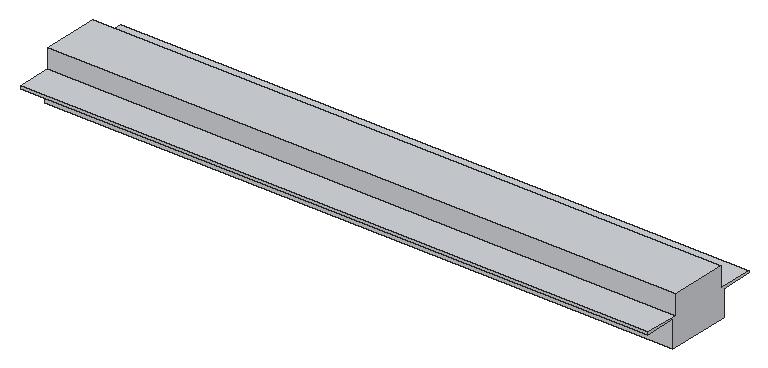
Revit family
Parameters (values of type "Load Type Catalog")
  Width = 4.000"
  Watts per foot = 45 W
  Wattage Comments = "Load Type Catalog"
  Voltage = 120 V
  Type Comments = "Load Type Catalog"
  Track Length = 47.242"
  Sketch Denomination = "Load Type Catalog"
  Revision Date = ""
  Recess = 1.625"
  Power Factor = 1
  OmniClass Title = "Lighting Tracks"
  OmniClass Number = "23.35.47.21.17"
  Number of Sections [instance] = [built-in parameter 1001306] / Track Length  # 0.46569
  Number of Poles = 1
  Number of Circuits = 1
  Model = "Load Type Catalog"
  Lamp = "Load Type Catalog"
  Keynote = "26 51 70"
  URL = "http://www.lightingservicesinc.com/"
  Manufacturer = "Lighting Services Inc"
  built-in parameter 1001306 [instance] = 22.000"
  Flange = 1.094"
  Emit Shape Visible in Rendering = no
  Description = "Track Light"
  Assembly Code = "D5020200"
  Apparent Load [instance] = [built-in parameter 1001306] / 12.000" * Watts per foot * Number of Circuits  # 82.5 VA
Reference planes (in)
  plane 1 "Center (Front/Back)": y = 0
  plane 2: z = 0
  plane 3 "Left": x = 0
  plane 4 "Right": x = 22
Forms (in)
  Extrusion 1, solid
    sketch origin (0, 2.50358, -1.20953) x (0, 1, 0) y (0, 0, 1)
      loop
        line (-3.50294, 1.25641) -> (-3.50294, 0.58453) -> (-4.69328, 0.58453) -> (-4.69328, 0.50836) -> (-3.59928, 0.50836) -> (-3.59928, -0.41547) -> (-1.40789, -0.41547) -> (-1.40789, 0.50836) -> (-0.31389, 0.50836) -> (-0.31389, 0.58453) -> (-1.50423, 0.58453) -> (-1.50423, 1.25641) -> (-3.50294, 1.25641)
    from 0 to 22
Lines and regions (in)
  reference lines
    curve 1: line (0, 0, 0) -> (22, 0, 0)
Dimensions and locks (in)
  "built-in parameter 1001306": plane 3 "Left" to plane 4 "Right"
  locked: Extrusion 1 sketch curve to Extrusion 1 sketch curve at 0.07617
  "Flange": Extrusion 1 sketch curve to Extrusion 1 sketch curve  (x2)
  equal spacing: Extrusion 1 sketch curve, plane 1 "Center (Front/Back)", Extrusion 1 sketch curve  (x2)
  "Recess": plane 2 to Extrusion 1 sketch curve
  locked: Extrusion 1 sketch curve to Extrusion 1 sketch curve at 1.99871
  locked: Extrusion 1 sketch curve to Extrusion 1 sketch curve at 2.19138
  aligned and locked: plane 4 "Right" to curve 1
  aligned and locked: plane 1 "Center (Front/Back)" to curve 1
  aligned and locked: plane 3 "Left" to curve 1
  aligned and locked: plane 4 "Right" to Extrusion 1
  aligned and locked: Extrusion 1 sketch curve to Extrusion 1 sketch curve  (x2)
Automatic sketch dimensions
  level to Extrusion 1 sketch curve = 0.04688"
  level to Extrusion 1 sketch curve = 0.70117"
Connectors (in)
  electrical at (11, 0, 0.04688), driven by "Power Factor", driven by "Apparent Load", driven by "Voltage", driven by "Number of Poles"
    settings: on Extrusion 1, index 1
